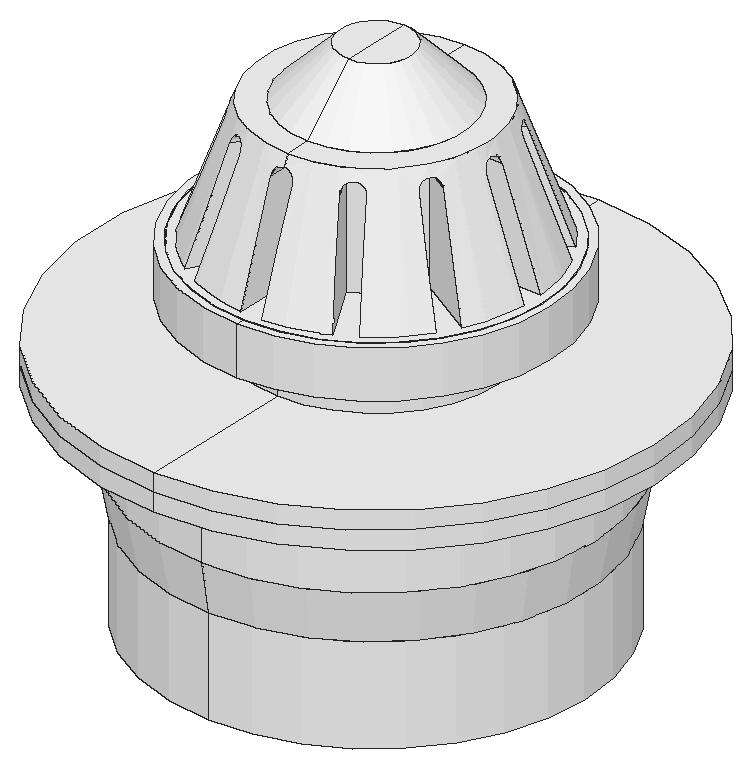
Revit family "F1100-C-K", category Plumbing Fixtures, host Face, Revit 2026
Family settings
  Host = Face
  Round Connector Dimension = Use Radius
  Part Type = Normal
  Classification Number = 23.45.55.21
  Enable Cutting in Views = No
  Cut with Voids When Loaded = No
  Maintain Annotation Orientation = No
  Shared = No
  Room Calculation Point = No
Parameters (values of type "6"")
  WFU = 0
  URL = "WWW.MIFAB.COM"
  Top Assembly Diameter = 5.000"
  Strainer Adjustment [instance] = 1.500"
  Pipe Radius = Pipe Diameter / 2  # 3.000"
  Pipe Diameter = 6.000"
  Model = "F1100-C-K"
  Manufacturer = "MIFAB"
  Floor Drain Material = Paint - Sherwin Williams Paint - #952C2A - Bellwood Red
  Domestic Cold Water Radius = 0.250"
  Domestic Cold Water Diameter = Domestic Cold Water Radius * 2  # 0.500"
  Description = "FLOOR DRAIN WITH DOME STRAINER"
  Default Elevation = 0.000"
  CWFU = 0
  Body Height = 3.375"
  Assembly Code = ""
Types (6): name | Pipe Radius | Pipe Diameter
  (no name) | 3.000" | 6.000"
  3" | 1.500" | 3.000"
  4" | 2.000" | 4.000"
  5" | 2.500" | 5.000"
  6" | 3.000" | 6.000"
  2" | 1.000" | 2.000"
Reference planes (in)
  plane 1 "Center (Front/Back)": y = 0
  plane 2: z = 0
  plane 3 "Center (Left/Right)": x = 0
  plane 4: z = -4.875
  plane 5: z = -1.5
  plane 6: z = 0
  plane 7: y = 4
  plane 8: y = -4
  plane 9: y = -3
  plane 10: y = 3
  plane 11: z = 1.8
  plane 12: y = -3.13425
  plane 13: y = 3.13425
  plane 14: z = -1.5
  plane 15: z = -4.875
  plane 16: y = 2.5
  plane 17: y = -2.5
Forms (in)
  Revolve 1, solid, material "Paint - Sherwin Williams Paint - #952C2A - Bellwood Red" <- "Floor Drain Material"
    sketch origin (0, 0.04396, 0) x (0, 1, 0) y (0, 0, 1)
      loop
        line (-0.04396, -1.5) -> (-4.04396, -1.5) -> (-4.04396, -1.76052) -> (-3.17821, -1.76052) -> (-3.17821, -2.79383) -> (-3.04396, -3.49988) -> (-3.04396, -4.875) -> (-0.04396, -4.875) -> (-0.04396, -1.5)
      axis (-0.04396, -1.5) -> (-0.04396, -4.875)
    angle from 0 to 360
  Revolve 2, solid, material "Paint - Sherwin Williams Paint - #952C2A - Bellwood Red" <- "Floor Drain Material"
    sketch origin (0, 0, 0) x (0, 1, 0) y (0, 0, 1)
      loop
        line (-4, -1.5) -> (-1.67549, -1.5) -> (-1.67549, -0.72742) -> (-1.7641, -0.72742) -> (-1.7641, -1.25) -> (-4, -1.25) -> (-4, -1.5)
      axis (0, -0.72742) -> (0, -1.5)
    angle from 0 to 360
  Revolve 3, solid, material "Paint - Sherwin Williams Paint - #952C2A - Bellwood Red" <- "Floor Drain Material"
    sketch origin (-0.09375, 0, 0) x (1, 0, 0) y (0, 0, 1)
      loop
        line (-3.44265, -2.25159) -> (-2.48645, -2.25159) -> (-2.48645, -1.9078) -> (-3.09582, -1.9078) -> (-3.18962, -2.00159) -> (-3.44265, -2.00159) -> (-3.44265, -2.25159)
      axis (-2.48645, -2.25159) -> (-3.44265, -2.25159)
    angle from 0 to 360
  Revolve 4, solid, material "Paint - Sherwin Williams Paint - #952C2A - Bellwood Red" <- "Floor Drain Material"
    sketch origin (0, 0, 0) x (0, 1, 0) y (0, 0, 1)
      loop
        line (-1.67549, -1.25) -> (-1.40936, -1.25) -> (-1.40936, -0.52519) -> (-2.37819, -0.52519) -> (-2.37819, 0) -> (-2.5, 0) -> (-2.5, -0.68359) -> (-1.67549, -0.68359) -> (-1.67549, -1.25)
      axis (0, 0) -> (0, -1.25)
    angle from 0 to 360
  Revolve 5, solid, material "Paint - Sherwin Williams Paint - #952C2A - Bellwood Red" <- "Floor Drain Material"
    sketch origin (0, 0, 0) x (0, 1, 0) y (0, 0, 1)
      loop
        line (-2.37819, 0) -> (-2.37819, -0.52519) -> (0, -0.52519) -> (0, 2.53353) -> (-0.5, 2.53353) -> (-1.23353, 1.8) -> (-1.59526, 1.8) -> (-2.2504, 0) -> (-2.37819, 0)
      axis (0, 2.53353) -> (0, -0.52519)
    angle from 0 to 360
  Extrusion 6, void
    sketch origin (0, 0, 0) x (1, 0, 0) y (0, 0, 1)
      loop
        line (0.15436, 0) -> (0.15436, 1.50037)
        arc (0.15436, 1.50037) -> (0, 1.65473) -> (-0.15436, 1.50037) r 0.15436
        line (-0.15436, 1.50037) -> (-0.15436, 0) -> (0.15436, 0)
    from 1.31662 to 2.53664
  Extrusion 7, void
    sketch origin (0, 0, 0) x (0.866025, -0.5, 0) y (0, 0, 1)
      loop
        line (0.15436, 0) -> (0.15436, 1.50037)
        arc (0.15436, 1.50037) -> (0, 1.65473) -> (-0.15436, 1.50037) r 0.15436
        line (-0.15436, 1.50037) -> (-0.15436, 0) -> (0.15436, 0)
    from 1.15888 to 2.46336
  Extrusion 8, void
    sketch origin (0, 0, 0) x (0.5, -0.866025, 0) y (0, 0, 1)
      loop
        line (0.15436, 0) -> (0.15436, 1.50037)
        arc (0.15436, 1.50037) -> (0, 1.65473) -> (-0.15436, 1.50037) r 0.15436
        line (-0.15436, 1.50037) -> (-0.15436, 0) -> (0.15436, 0)
    from 1.17885 to 2.53664
  Extrusion 9, void
    sketch origin (0, 0, 0) x (-0.866025, -0.5, 0) y (0, 0, -1)
      loop
        line (0.15436, 0) -> (-0.15436, 0) -> (-0.15436, -1.50037)
        arc (-0.15436, -1.50037) -> (0, -1.65473) -> (0.15436, -1.50037) r 0.15436
        line (0.15436, -1.50037) -> (0.15436, 0)
    from 1.24007 to 2.53664
  Extrusion 10, void
    sketch origin (0, 0, 0) x (-0.5, -0.866025, 0) y (0, 0, -1)
      loop
        line (0.15436, 0) -> (-0.15436, 0) -> (-0.15436, -1.50037)
        arc (-0.15436, -1.50037) -> (0, -1.65473) -> (0.15436, -1.50037) r 0.15436
        line (0.15436, -1.50037) -> (0.15436, 0)
    from 1.21564 to 2.53664
  Extrusion 11, void
    sketch origin (0, 0, 0) x (0.866025, 0.5, 0) y (0, 0, -1)
      loop
        line (0.15436, 0) -> (-0.15436, 0) -> (-0.15436, -1.50037)
        arc (-0.15436, -1.50037) -> (0, -1.65473) -> (0.15436, -1.50037) r 0.15436
        line (0.15436, -1.50037) -> (0.15436, 0)
    from 1.17962 to 2.53664
  Extrusion 12, void
    sketch origin (0, 0, 0) x (0.5, 0.866025, 0) y (0, 0, -1)
      loop
        line (0.15436, 0) -> (-0.15436, 0) -> (-0.15436, -1.50037)
        arc (-0.15436, -1.50037) -> (0, -1.65473) -> (0.15436, -1.50037) r 0.15436
        line (0.15436, -1.50037) -> (0.15436, 0)
    from 1.14008 to 2.53664
  Extrusion 13, void
    sketch origin (0, 0, 0) x (-0.866025, 0.5, 0) y (0, 0, 1)
      loop
        line (0.15436, 0) -> (0.15436, 1.50037)
        arc (0.15436, 1.50037) -> (0, 1.65473) -> (-0.15436, 1.50037) r 0.15436
        line (-0.15436, 1.50037) -> (-0.15436, 0) -> (0.15436, 0)
    from 1.2174 to 2.53664
  Extrusion 14, void
    sketch origin (0, 0, 0) x (-0.5, 0.866025, 0) y (0, 0, 1)
      loop
        line (0.15436, 0) -> (0.15436, 1.50037)
        arc (0.15436, 1.50037) -> (0, 1.65473) -> (-0.15436, 1.50037) r 0.15436
        line (-0.15436, 1.50037) -> (-0.15436, 0) -> (0.15436, 0)
    from 1.2293 to 2.53664
  Extrusion 15, void
    sketch origin (0, 0, 0) x (0, 1, 0) y (0, 0, -1)
      loop
        line (0.15436, 0) -> (-0.15436, 0) -> (-0.15436, -1.50037)
        arc (-0.15436, -1.50037) -> (0, -1.65473) -> (0.15436, -1.50037) r 0.15436
        line (0.15436, -1.50037) -> (0.15436, 0)
    from 1.16465 to 2.53664
  Extrusion 16, void
    sketch origin (0, 0, 0) x (0, 1, 0) y (0, 0, 1)
      loop
        line (0.15436, 0) -> (0.15436, 1.50037)
        arc (0.15436, 1.50037) -> (0, 1.65473) -> (-0.15436, 1.50037) r 0.15436
        line (-0.15436, 1.50037) -> (-0.15436, 0) -> (0.15436, 0)
    from 1.18824 to 2.53664
  Extrusion 17, void
    sketch origin (0, 0, 0) x (1, 0, 0) y (0, 0, -1)
      loop
        line (0.15436, 0) -> (-0.15436, 0) -> (-0.15436, -1.50037)
        arc (-0.15436, -1.50037) -> (0, -1.65473) -> (0.15436, -1.50037) r 0.15436
        line (0.15436, -1.50037) -> (0.15436, 0)
    from 1.14094 to 2.53664
Cuts and joins
  Extrusion 6, Extrusion 7, Extrusion 8, Extrusion 9, Extrusion 10, Extrusion 11, Extrusion 12, Extrusion 13, Extrusion 14, Extrusion 15, Extrusion 16, Extrusion 17 cuts Revolve 4
  Extrusion 6, Extrusion 7, Extrusion 8, Extrusion 9, Extrusion 10, Extrusion 11, Extrusion 12, Extrusion 13, Extrusion 14, Extrusion 15, Extrusion 16, Extrusion 17 cuts Revolve 5
  joined: Revolve 1, Revolve 3
Lines and regions (in)
  symbolic lines
    curve 1: circle (0, 0, 0) r 4 normal (0, 0, 1)
Dimensions and locks (in)
  "Body Height": plane 5 to plane 4
  "Strainer Adjustment": plane 6 to plane 5
  equal spacing: plane 7, plane 1 "Center (Front/Back)", plane 8
  plane 7 to plane 8 = 8.000"
  Revolve 1 to Revolve 3 sketch curve = 0.49108"
  equal spacing: plane 10, plane 1 "Center (Front/Back)", plane 9
  "Pipe Diameter": plane 10 to plane 9
  "Pipe Radius": plane 1 "Center (Front/Back)" to plane 9
  locked: Revolve 4 sketch curve to Revolve 4 sketch curve at 0.1584
  locked: Revolve 4 sketch curve to Revolve 4 sketch curve at 0.26614
  locked: plane 11 to host face at 1.8
  locked: Revolve 5 sketch curve to host face at 2.53353
  locked: Revolve 1 sketch curve to plane 8 at 0.86575
  locked: plane 1 "Center (Front/Back)" to Revolve 4 sketch curve at 1.40936
  "Strainer Adjustment": level to plane 14
  "Body Height": plane 14 to plane 15
  plane 1 "Center (Front/Back)" to Revolve 2 sketch curve to Revolve 2 sketch curve = 1.67549" locked, 0.08861" locked
  equal spacing: plane 16, plane 1 "Center (Front/Back)", plane 17
  "Top Assembly Diameter": plane 16 to plane 17
  locked: Revolve 4 sketch curve to plane 17 at 0.12181
  locked: Revolve 5 sketch curve to plane 17 at 0.12181
  plane 1 "Center (Front/Back)" to Revolve 5 sketch curve to Revolve 5 sketch curve to Revolve 5 sketch curve to Revolve 5 sketch curve = 0.500" locked, 0.73353" locked, 0.36173" locked, 0.65515" locked
  locked: Extrusion 6 sketch curve to level at 1.50037
  aligned and locked: plane 2 to host face
  aligned and locked: level to host face
  aligned and locked: plane 5 to Revolve 1 sketch curve
  aligned and locked: Revolve 1 to Revolve 2 sketch curve
  aligned and locked: Revolve 2 sketch curve to Revolve 1
  aligned and locked: Revolve 1 sketch curve to plane 9
  aligned and locked: plane 8 to Revolve 1 sketch curve
  aligned and locked: host face to plane 6
  aligned and locked: Revolve 2 to Revolve 4
  aligned and locked: Revolve 4 to Revolve 5
  aligned and locked: plane 12 to Revolve 1
  aligned and locked: plane 13 to Revolve 1
  aligned and locked: Revolve 4 sketch curve to plane 17
  aligned and locked: level to Extrusion 6 sketch curve
Automatic sketch dimensions
  host sketch curve to host sketch curve = 96.000"  (x2)
  Revolve 1 sketch curve to plane 1 "Center (Front/Back)" = 0.000"  (x2)
  Revolve 1 sketch curve to plane 4 = 0.000"  (x2)
  Revolve 1 sketch curve to Revolve 1 sketch curve = 1.37512"
  Revolve 1 sketch curve to Revolve 1 sketch curve = 0.70605"
  Revolve 1 sketch curve to plane 5 = 0.26052"
  Revolve 1 sketch curve to plane 5 = 0.250"
  Revolve 2 sketch curve to plane 1 "Center (Front/Back)" = 0.000"
  Revolve 2 sketch curve to level = 0.000"
  Revolve 2 sketch curve to plane 14 = 0.58323"
  Revolve 2 sketch curve to Revolve 2 sketch curve = 0.250"
  Revolve 2 sketch curve to Revolve 2 sketch curve = 0.52258"
  Revolve 3 sketch curve to plane 14 = 0.75159"
  Revolve 3 sketch curve to plane 3 "Center (Left/Right)" = 3.5364"
  Revolve 3 sketch curve to plane 14 = 0.50159"
  Revolve 3 sketch curve to Revolve 3 sketch curve = 0.25303"
  Revolve 3 sketch curve to Revolve 3 sketch curve = 0.09379"
  Revolve 3 sketch curve to Revolve 3 sketch curve = 0.53757"
  Revolve 3 sketch curve to Revolve 3 sketch curve = 0.1656"
  Revolve 3 sketch curve to Revolve 3 sketch curve = 0.625"
  Revolve 3 sketch curve to Revolve 3 sketch curve = 0.000"
  Revolve 3 sketch curve to Revolve 3 sketch curve = 0.34379"
  Revolve 4 sketch curve to plane 1 "Center (Front/Back)" = 0.000"
  plane 14 to Revolve 4 sketch curve = 0.000"
  Revolve 4 sketch curve to level = 0.000"  (x2)
  plane 14 to Revolve 4 sketch curve = 0.250"
  Revolve 4 sketch curve to Revolve 4 sketch curve = 0.56641"
  Revolve 5 sketch curve to plane 1 "Center (Front/Back)" = 0.000"  (x2)
  Revolve 5 sketch curve to level = 0.000"
  Revolve 5 sketch curve to plane 11 = 0.000"
  Revolve 5 sketch curve to level = 0.52519"
  plane 14 to Revolve 5 sketch curve = 0.402"
  Revolve 5 sketch curve to Revolve 5 sketch curve = 0.71875"
  Extrusion 6 sketch curve to plane 3 "Center (Left/Right)" = 0.000"
  Extrusion 6 sketch curve to plane 3 "Center (Left/Right)" = 0.15436"
  Extrusion 7 sketch curve to level = 0.000"
  Extrusion 7 sketch curve to Extrusion 7 sketch curve = 0.15436"
  Extrusion 7 sketch curve to Extrusion 7 sketch curve = 1.50037"
  Extrusion 8 sketch curve to level = 0.000"
  Extrusion 8 sketch curve to Extrusion 8 sketch curve = 0.15436"
  Extrusion 8 sketch curve to Extrusion 8 sketch curve = 1.50037"
  Extrusion 9 sketch curve to level = 0.000"
  Extrusion 9 sketch curve to Extrusion 9 sketch curve = 0.15436"
  level to Extrusion 9 sketch curve = 1.50037"
  Extrusion 10 sketch curve to level = 0.000"
  Extrusion 10 sketch curve to Extrusion 10 sketch curve = 0.15436"
  level to Extrusion 10 sketch curve = 1.50037"
  level to Extrusion 11 sketch curve = 0.000"
  Extrusion 11 sketch curve to Extrusion 11 sketch curve = 0.15436"
  level to Extrusion 11 sketch curve = 1.50037"
  level to Extrusion 12 sketch curve = 0.000"
  Extrusion 12 sketch curve to Extrusion 12 sketch curve = 0.15436"
  level to Extrusion 12 sketch curve = 1.50037"
  level to Extrusion 13 sketch curve = 0.000"
  Extrusion 13 sketch curve to Extrusion 13 sketch curve = 0.15436"
  Extrusion 13 sketch curve to Extrusion 13 sketch curve = 1.50037"
  level to Extrusion 14 sketch curve = 0.000"
  Extrusion 14 sketch curve to Extrusion 14 sketch curve = 0.15436"
  Extrusion 14 sketch curve to Extrusion 14 sketch curve = 1.50037"
  Extrusion 15 sketch curve to level = 0.000"
  Extrusion 15 sketch curve to plane 1 "Center (Front/Back)" = 0.000"
  Extrusion 15 sketch curve to Extrusion 15 sketch curve = 0.15436"
  level to Extrusion 15 sketch curve = 1.50037"
  Extrusion 16 sketch curve to level = 0.000"
  Extrusion 16 sketch curve to plane 1 "Center (Front/Back)" = 0.000"
  Extrusion 16 sketch curve to Extrusion 16 sketch curve = 0.15436"
  Extrusion 16 sketch curve to Extrusion 16 sketch curve = 1.50037"
  Extrusion 17 sketch curve to level = 0.000"
  Extrusion 17 sketch curve to plane 3 "Center (Left/Right)" = 0.000"
  Extrusion 17 sketch curve to plane 3 "Center (Left/Right)" = 0.15436"
  level to Extrusion 17 sketch curve = 1.50037"
  plane 1 "Center (Front/Back)" to curve 1 = 0.000"
  curve 1 to plane 3 "Center (Left/Right)" = 0.000"
  radius of curve 1 = 4.000"
Connectors (in)
  piping at (-3.5364, 0, -2.25159), diameter 0.5, driven by "CWFU", driven by "Domestic Cold Water Radius"
    settings: on Revolve 3, index 1, connector inside diameter 1/2", connector length 0.000", flow factor 0, pipe flow 0 GPM, pressure drop 0.00 psi, fitting loss kfactor 0, connector angle 0.00°, fixture units 0, engagement length 0.000", angle of deflection 0.00°, flow configuration 3, flow direction 1, fitting loss method 0, system type 20, joint type 0, gender type 0, connector reference index -1, connector utility 0, adjustable connector no, is connector primary yes, connector description "Domestic Cold Water In"
  piping at (0, 0, -4.875), diameter 6, driven by "Pipe Radius", driven by "WFU"
    settings: on Revolve 1, index 2, connector inside diameter 6", connector length 0.000", flow factor 0, pipe flow 0 GPM, pressure drop 0.00 psi, fitting loss kfactor 0, connector angle 0.00°, fixture units 0, engagement length 0.000", angle of deflection 0.00°, flow configuration 3, flow direction 2, fitting loss method 0, system type 16, joint type 0, gender type 0, connector reference index -1, connector utility 0, adjustable connector no, is connector primary no, connector description "Sanitary Out"
